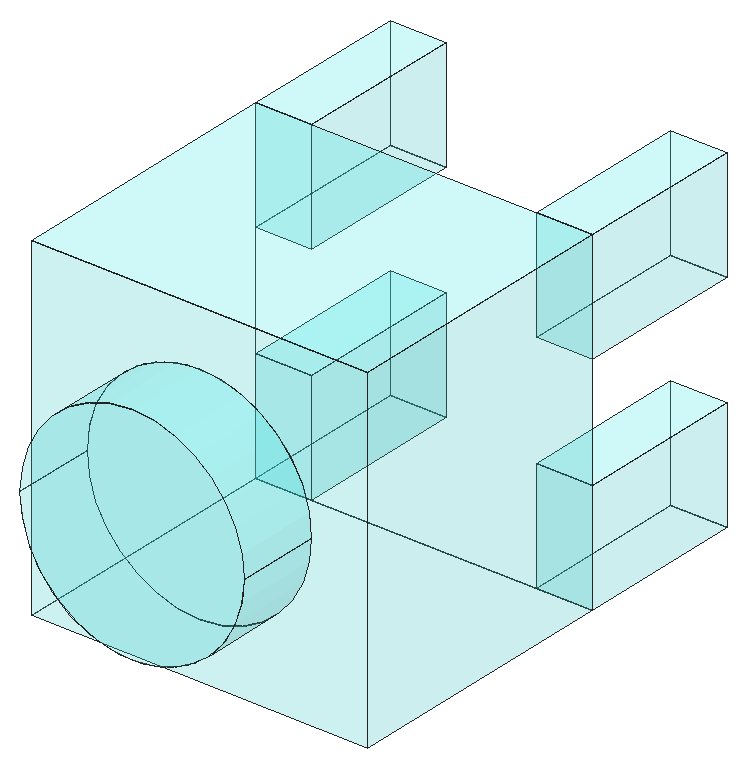
Revit family "PUSH_BUTTON_6x6", category Sistema de mobiliário, Revit 2024
Family settings
  Cota do conector redondo = Utilizar diâmetro
  Tipo de parte = Normal
  Com base no plano de trabalho = Não
  Ativar corte nas vistas = Não
  Sempre na vertical = Sim
  Corte com vazios quando carregada = Não
  Compartilhado = Não
  Ponto de cálculo do ambiente = Não
Parameters
  Elevação padrão = 0 mm
Reference planes
  plane 1 "Centro (Frente/Trás)": y = 0
  plane 2: z = 0
  plane 3 "Centro (Esquerda/Direita)": x = 0
Forms (mm)
  Extrusion 1, solid, material ".BOTAO"
    sketch origin (0, 0, 0) x (1, 0, 0) y (0, 1, 0)
      loop
        line (3, 0) -> (3, 5) -> (-3, 5) -> (-3, 0) -> (3, 0)
    from 0 to 6
  Extrusion 2, solid, material ".BOTAO"
    sketch origin (0, 0, 0) x (1, 0, 0) y (0, 0, 1)
      loop
        circle (0, 3) r 2
    from 0 to 1.5
  Extrusion 3, solid, material ".BOTAO"
    sketch origin (0, 0, 0) x (1, 0, 0) y (0, 0, 1)
      loop
        line (3, 6) -> (2, 6) -> (2, 4) -> (3, 4) -> (3, 6)
      loop
        line (-2, 6) -> (-3, 6) -> (-3, 4) -> (-2, 4) -> (-2, 6)
      loop
        line (3, 2) -> (2, 2) -> (2, 0) -> (3, 0) -> (3, 2)
      loop
        line (-2, 2) -> (-3, 2) -> (-3, 0) -> (-2, 0) -> (-2, 2)
    from -8 to -5
Dimensions and locks
  aligned and locked: level to plane 2
